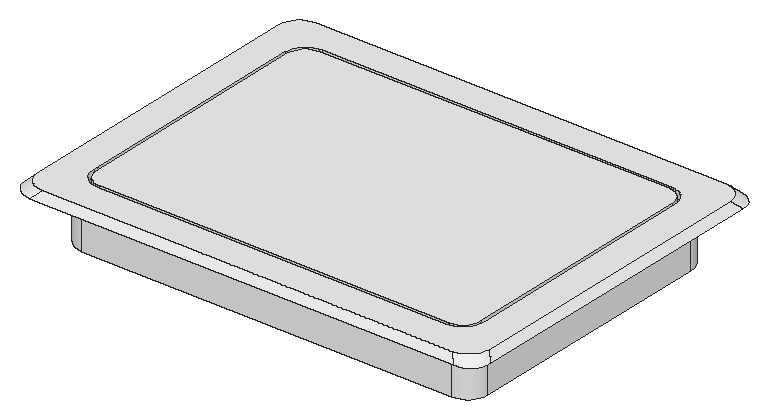
Revit family "Flush_Valve_Access_Panel-Hydraulic_Flush-Whitehall-BestCare-WH2898ADA-SL_Series", category Specialty Equipment, host Face, Revit 2019
Family settings
  Host = Face
  Round Connector Dimension = Use Diameter
  Part Type = Normal
  OmniClass Number = 23.30.10.27.14
  OmniClass Title = Access Panels
  Cut with Voids When Loaded = No
  Shared = Yes
  Room Calculation Point = No
Parameters (values of type "WH2898ADA-SL-BLANK")
  Width = 2 1/8"  # constant formula
  URL = "https://www.whitehallmfg.com/home"
  Type Comments = "WH2898ADA-SL-BLANK Ligature Resistant Blank Access Cover and Wall Frame Only (Less Flush Valve)"
  Pushbutton Material = Stainless Steel-Whitehall-Satin
  Pushbutton = no
  Product Page URL = "https://www.whitehallmfg.com/ada-ligature-resistant-flush-valve-access-panel-wh2898ada-sl"
  Product Documentation Link = "https://www.whitehallmfg.com/uploads/fileLibrary/WH2898ADA-SL.pdf"
  Model = "WH2898ADA-SL-BLANK"
  Material = "Stainless Steel-Whitehall-Satin"
  Manufacturer = "Whitehall Mfg."
  Length = 17"
  Installation Type = "Wall Mounted"
  Height = 13"  # constant formula
  Flush Rate = "N/A"
  Description = "BestCare® ADA Compliant Ligature-Resistant Access Panel with Hydraulic Flush Valve"
  Default Elevation = 0"
  Creation Date = "12/09/2023"  # constant formula
  Body Material = Stainless Steel-Whitehall-Satin
  Assembly Code = "C1030200"
  ADA Compliant = yes
Types (9): name | Type Comments | Pushbutton | Model | Material | Flush Rate | Body Material
  WH2898ADA-SL-1.28 (Toilet) | "ADA Flush Valve Cover With 1.28 GPF Hydraulic Flush Valve (White)" | yes | "WH2898ADA-SL-1.28 (Toilet)" | "Stainless Steel-Whitehall-Powder Coated White" | "1.28 GPF (4.85 LPF)" | Stainless Steel-Whitehall-Powder Coated White
  WH2898ADA-SL-1.6 (Toilet) | "ADA Flush Valve Cover With 1.6 GPF Hydraulic Flush Valve (White)" | yes | "WH2898ADA-SL-1.6 (Toilet)" | "Stainless Steel-Whitehall-Powder Coated White" | "1.6 GPF (6 LPF)" | Stainless Steel-Whitehall-Powder Coated White
  WH2898ADA-SL-1.28-SS (Toilet) | "ADA Flush Valve Cover With 1.28 GPF Hydraulic Flush Valve (#4 Stn Stl Finish)" | yes | "WH2898ADA-SL-1.28-SS (Toilet)" | "Stainless Steel-Whitehall-Satin" | "1.28 GPF (4.85 LPF)" | Stainless Steel-Whitehall-Satin
  WH2898ADA-SL-1.6-SS (Toilet) | "ADA Flush Valve Cover With 1.6 GPF Hydraulic Flush Valve (#4 Stn Stl Finish)" | yes | "WH2898ADA-SL-1.6-SS (Toilet)" | "Stainless Steel-Whitehall-Satin" | "1.6 GPF (6 LPF)" | Stainless Steel-Whitehall-Satin
  WH2898ADA-SL-0.5 (Urinal) | "ADA Flush Valve Cover With 0.5 GPF Hydraulic Flush Valve (White)" | yes | "WH2898ADA-SL-0.5 (Urinal)" | "Stainless Steel-Whitehall-Powder Coated White" | "0.5 GPF (1.89 LPF)" | Stainless Steel-Whitehall-Powder Coated White
  WH2898ADA-SL-.125 (Urinal) | "ADA Flush Valve Cover With 0.125 GPF Hydraulic Flush Valve (White)" | yes | "WH2898ADA-SL-.125 (Urinal)" | "Stainless Steel-Whitehall-Powder Coated White" | ".125 GPF (4.85 LPF)" | Stainless Steel-Whitehall-Powder Coated White
  WH2898ADA-SL-0.5-SS (Urinal) | "ADA Flush Valve Cover With 0.5 GPF Hydraulic Flush Valve (#4 Stn Stl Finish)" | yes | "WH2898ADA-SL-0.5-SS (Urinal)" | "Stainless Steel-Whitehall-Satin" | "0.5 GPF (1.89 LPF)" | Stainless Steel-Whitehall-Satin
  WH2898ADA-SL-.125-SS (Urinal) | "ADA Flush Valve Cover With 0.125 GPF Hydraulic Flush Valve (#4 Stn Stl Finish)" | yes | "WH2898ADA-SL-.125-SS (Urinal)" | "Stainless Steel-Whitehall-Satin" | ".125 GPF (4.85 LPF)" | Stainless Steel-Whitehall-Satin
  WH2898ADA-SL-BLANK | "WH2898ADA-SL-BLANK Ligature Resistant Blank Access Cover and Wall Frame Only (Less Flush Valve)" | no | "WH2898ADA-SL-BLANK" | "Stainless Steel-Whitehall-Satin" | "N/A" | Stainless Steel-Whitehall-Satin
Reference planes (in)
  plane 1 "Center (Front/Back)": y = 0
  plane 2: z = 0
  plane 3 "Center (Left/Right)": x = 0
  plane 4: y = 13
  plane 5: x = -8.5
  plane 6: x = 8.5
  plane 7: z = -1.875
  plane 8: z = 0.25
  plane 9: y = 11.625
  plane 10: y = 1.375
  plane 11: x = -3
  plane 12: y = 8.5
  plane 13: y = 1.125
  plane 14: y = 11.875
  plane 15: y = 6.5
  plane 16: x = -7.125
  plane 17: x = 7.125
Forms (in)
  Blend 1, solid, material "Stainless Steel-Whitehall-Satin" <- "Body Material"
    base sketch origin (0, 0, 0) x (1, 0, 0) y (0, 1, 0)
      loop
        arc (-7.75, 13) -> (-8.28033, 12.78033) -> (-8.5, 12.25) r 0.75
        line (-8.5, 12.25) -> (-8.5, 0.75)
        arc (-8.5, 0.75) -> (-8.28033, 0.21967) -> (-7.75, 0) r 0.75
        line (-7.75, 0) -> (7.75, 0)
        arc (7.75, 0) -> (8.28033, 0.21967) -> (8.5, 0.75) r 0.75
        line (8.5, 0.75) -> (8.5, 12.25)
        arc (8.5, 12.25) -> (8.28033, 12.78033) -> (7.75, 13) r 0.75
        line (7.75, 13) -> (-7.75, 13)
    top sketch origin (0, 0, 0) x (1, 0, 0) y (0, 1, 0)
      loop
        arc (-7.5, 12.75) -> (-8.03033, 12.53033) -> (-8.25, 12) r 0.75
        line (-8.25, 12) -> (-8.25, 1)
        arc (-8.25, 1) -> (-8.03033, 0.46967) -> (-7.5, 0.25) r 0.75
        line (-7.5, 0.25) -> (7.5, 0.25)
        arc (7.5, 0.25) -> (8.03033, 0.46967) -> (8.25, 1) r 0.75
        line (8.25, 1) -> (8.25, 12)
        arc (8.25, 12) -> (8.03033, 12.53033) -> (7.5, 12.75) r 0.75
        line (7.5, 12.75) -> (-7.5, 12.75)
    from 0 to 0.25
  Extrusion 2, solid, material "Stainless Steel-Whitehall-Satin" <- "Body Material"
    sketch origin (0, 0, 0) x (1, 0, 0) y (0, 1, 0)
      loop
        arc (-6.75, 11.875) -> (-7.28033, 11.65533) -> (-7.5, 11.125) r 0.75
        line (-7.5, 11.125) -> (-7.5, 1.875)
        arc (-7.5, 1.875) -> (-7.28033, 1.34467) -> (-6.75, 1.125) r 0.75
        line (-6.75, 1.125) -> (6.75, 1.125)
        arc (6.75, 1.125) -> (7.28033, 1.34467) -> (7.5, 1.875) r 0.75
        line (7.5, 1.875) -> (7.5, 11.125)
        arc (7.5, 11.125) -> (7.28033, 11.65533) -> (6.75, 11.875) r 0.75
        line (6.75, 11.875) -> (-6.75, 11.875)
    from -1.875 to 0
  Revolve 3, solid, material "Stainless Steel-Whitehall-Satin" <- "Body Material", visible <- "Pushbutton"
    sketch origin (0, 8.5, -0.33649) x (-1, 0, 0) y (0, 0, 1)
      loop
        line (3.37322, 0.58649) -> (3.24761, 0.8824) -> (3.19229, 0.8824)
        arc (3.19229, 0.8824) -> (3.104, 0.94108) -> (3, 0.96168) r 0.27284
        line (3, 0.96168) -> (3, 0.58649) -> (3.37322, 0.58649)
      axis (3, 0.58649) -> (3, 0.96168)
    angle from 0 to 360
  Extrusion 4, void
    sketch origin (0, 0, 0) x (1, 0, 0) y (0, 1, 0)
      loop
        arc (-6.375, 11.625) -> (-6.90533, 11.40533) -> (-7.125, 10.875) r 0.75
        line (-7.125, 10.875) -> (-7.125, 2.125)
        arc (-7.125, 2.125) -> (-6.90533, 1.59467) -> (-6.375, 1.375) r 0.75
        line (-6.375, 1.375) -> (6.375, 1.375)
        arc (6.375, 1.375) -> (6.90533, 1.59467) -> (7.125, 2.125) r 0.75
        line (7.125, 2.125) -> (7.125, 10.875)
        arc (7.125, 10.875) -> (6.90533, 11.40533) -> (6.375, 11.625) r 0.75
        line (6.375, 11.625) -> (-6.375, 11.625)
      loop
        arc (-6.375, 11.52344) -> (-6.83351, 11.33351) -> (-7.02344, 10.875) r 0.64844
        line (-7.02344, 10.875) -> (-7.02344, 2.125)
        arc (-7.02344, 2.125) -> (-6.83351, 1.66649) -> (-6.375, 1.47656) r 0.64844
        line (-6.375, 1.47656) -> (6.375, 1.47656)
        arc (6.375, 1.47656) -> (6.83351, 1.66649) -> (7.02344, 2.125) r 0.64844
        line (7.02344, 2.125) -> (7.02344, 10.875)
        arc (7.02344, 10.875) -> (6.83351, 11.33351) -> (6.375, 11.52344) r 0.64844
        line (6.375, 11.52344) -> (-6.375, 11.52344)
    from -1.49434 to 0.25
Cuts and joins
  Extrusion 4 cuts Blend 1
  Extrusion 4 cuts Extrusion 2
Lines and regions (in)
  symbolic lines, detail levels medium+fine
    curve 1: line (3.42969, 10, 0.25) -> (2.57031, 10, 0.25)
    curve 2: line (-2.62678, 10, 0.25) -> (-3.37322, 10, 0.25)
Dimensions and locks (in)
  "Height": plane 1 "Center (Front/Back)" to plane 4
  equal spacing: plane 5, plane 3 "Center (Left/Right)", plane 6
  "Length": plane 5 to plane 6
  host face to plane 8 = 1/4"
  plane 10 to plane 9 = 10 1/4"
  locked: plane 1 "Center (Front/Back)" to plane 12 at 8.5
  locked: plane 11 to plane 3 "Center (Left/Right)" at 3
  plane 1 "Center (Front/Back)" to plane 10 = 1 3/8"
  plane 4 to plane 9 = 1 3/8"
  plane 7 to plane 8 = 2 1/8"
  equal spacing: plane 13, plane 15, plane 14
  plane 13 to plane 14 = 10 3/4"
  plane 5 to plane 16 = 1 3/8"
  plane 17 to plane 6 = 1 3/8"
  aligned and locked: plane 2 to host face
  aligned and locked: level to host face
  aligned and locked: Blend 1 sketch curve to plane 4
  aligned and locked: plane 5 to Blend 1 sketch curve
  aligned and locked: Blend 1 sketch curve to plane 1 "Center (Front/Back)"
  aligned and locked: Blend 1 sketch curve to plane 6
  aligned and locked: Blend 1 to plane 8
  aligned and locked: Extrusion 2 to plane 7
  aligned and locked: level to Extrusion 2
  aligned and locked: plane 16 to Extrusion 4 sketch curve
  aligned and locked: Extrusion 4 sketch curve to plane 9
  aligned and locked: plane 17 to Extrusion 4 sketch curve
  aligned and locked: Extrusion 4 sketch curve to plane 10
  aligned and locked: Extrusion 4 to plane 8
Automatic sketch dimensions
  host sketch curve to host sketch curve = 96"  (x2)
  plane 5 to Blend 1 sketch curve = 1/4"
  Blend 1 sketch curve to plane 6 = 1/4"
  Blend 1 sketch curve to plane 1 "Center (Front/Back)" = 1/4"
  Blend 1 sketch curve to plane 4 = 1"
  curve 1 to plane 8 = 0"
  curve 2 to plane 8 = 0"
  plane 5 to Blend 1 sketch curve = 3/4"  (x2)
  Blend 1 sketch curve to plane 6 = 3/4"  (x2)
  Blend 1 sketch curve to Blend 1 sketch curve = 3/4"
  Blend 1 sketch curve to plane 4 = 1/4"
  plane 3 "Center (Left/Right)" to curve 1 = 3 55/128"
  curve 1 to curve 1 = 55/64"
  curve 2 to plane 3 "Center (Left/Right)" = 2.62678"
  curve 2 to curve 2 = 0.74644"
  plane 5 to Blend 1 sketch curve = 1"
  Blend 1 sketch curve to plane 6 = 1"
  Extrusion 2 sketch curve to plane 13 = 0"
  plane 14 to Extrusion 2 sketch curve = 0"
  Extrusion 2 sketch curve to plane 10 = 1/2"
  plane 5 to Extrusion 2 sketch curve = 1"
  Extrusion 2 sketch curve to Extrusion 2 sketch curve = 3/4"
  Extrusion 2 sketch curve to plane 6 = 1 3/4"  (x2)
  Extrusion 2 sketch curve to plane 9 = 1/2"
  plane 16 to Extrusion 4 sketch curve = 3/4"  (x2)
  plane 17 to Extrusion 4 sketch curve = 3/4"  (x2)
  Extrusion 4 sketch curve to Extrusion 4 sketch curve = 0"  (x7)
  Extrusion 4 sketch curve to plane 10 = 13/128"
  Revolve 3 sketch curve to plane 8 = 0"  (x2)
  Revolve 3 sketch curve to plane 11 = 0"  (x2)
  Revolve 3 sketch curve to plane 11 = 0.19229"
  Revolve 3 sketch curve to Revolve 3 sketch curve = 0.05532"
  Revolve 3 sketch curve to Revolve 3 sketch curve = 0.12561"
  Revolve 3 sketch curve to plane 8 = 0.10236"
  Revolve 3 sketch curve to Revolve 3 sketch curve = 0.0047"
  Revolve 3 sketch curve to Revolve 3 sketch curve = 0.19355"
